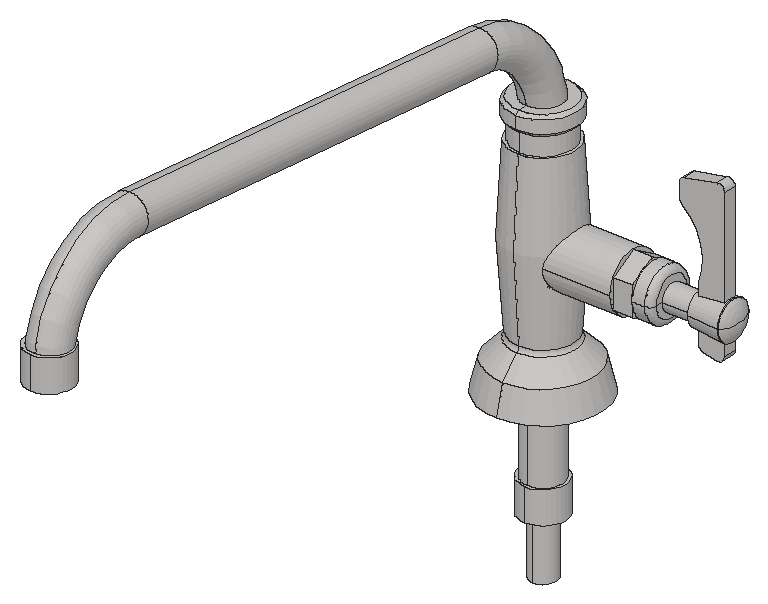
Revit family "Krowne_16-201L_DeckMount_Faucet", category Plumbing Fixtures, Revit 2018
Family settings
  Round Connector Dimension = Use Diameter
  Part Type = Normal
  OmniClass Number = 23.40.40.00
  OmniClass Title = Food Service Equipment and Furnishings
  Work Plane-Based = No
  Always vertical = Yes
  Cut with Voids When Loaded = No
  Shared = No
  Room Calculation Point = No
Parameters (values of type "DefaultType")
  Width = 4 5/8"
  Weight in Pounds = 5
  Watermarked By = ""
  Waste Water Discharge Temperature [instance] = -459.67 °F
  URL Cutsheet = ""
  URL = "https://krowne.com/"
  Status [instance] = ""
  Specification by User [instance] = ""
  Specification by Manufacturer [instance] = ""
  Serial Number [instance] = ""
  Revision Code [instance] = ""
  Plumbing Remarks [instance] = ""
  Plumbing Connection Type = ""
  NAFEM Spec ID Number [instance] = ""
  Model = "16-201L"
  Masterspec [instance] = ""
  Manufacturer = "Krowne Metal"
  KCLRef = "KCL2C9,,0004c5a7-0000-0000-0000-000000000307,KR,16-201L ,637111973440000000,a73acb69-ad7a-4bf3-a64b-69a22879fce7,3fbdde98-eff4-4684-8e6f-cc639d16eccb"
  KCL SpecSheet URL = "http://kclweb.kclcad.com/imagehandler.ashx?kdoc=16-2xxl&R=KR&M=16-201L%20&VC=7&TID=KCLWeb&T=doc"
  Item Number [instance] = "-"
  Installed By [instance] = ""
  Hot Water Temperature = 100 °F
  Height = 3 3/8"
  Furnished By [instance] = ""
  Foodservice Equipment Identifier = yes
  Description = "Deck Mount Faucet"
  Depth = 4 7/16"
  Cold Water Temperature Recommended = -459.67 °F
  Cold Water Size = 1/2"
  Cold Water RI Height [instance] = 0"
  Cold Water Minimum Pressure = 0.00 psi
  Cold Water Maximum Pressure = 0.00 psi
  Cold Water Flow = 1.8 GPM
  Cold Water Consumption = ""
  Cold Water Connection Height = 0"
  CSI MasterFormat = ""
  Assembly Code = "E1090300"
Reference planes (in)
  plane 1 "BACK": y = 0.1875
  plane 2: z = 0
  plane 3 "LEFT": x = -13.69073
  plane 4 "CENTER L/R": x = -12.56573
  plane 5: y = -0.9375
  plane 6: z = 7.875
  plane 7 "Faucet Lip": z = 5.4375
  plane 8: y = -12.9375
  plane 9: z = 5.125
  plane 10: z = 7
  plane 11: x = -8.87823
Forms (in)
  Sweep 1, solid, material "QF_Stainless-Polished"
    path origin (-12.56573, 0, 0.1875) x (0, 1, 0) y (0, 0, 1)
      loop
        line (-0.9375, 4.375) -> (-0.9375, 4.67627)
        arc (-0.9375, 4.67627) -> (-1.38825, 5.84864) -> (-2.5083, 6.41707) r 1.75
        line (-2.5083, 6.41707) -> (-11.0083, 7.29207)
        arc (-11.0083, 7.29207) -> (-12.35987, 6.85052) -> (-12.9375, 5.55127) r 1.75
    profile origin (-12.56573, -0.9375, 4.71314) x (0, -1, 0) y (1, 0, 0)
      loop
        circle (0, 0) r 0.375
      loop
        circle (0, 0) r 0.25
  Extrusion 2, solid, material "QF_Stainless-Polished"
    sketch origin (0, 0, 5.4375) x (0, 1, 0) y (-1, 0, 0)
      loop
        circle (-12.9375, 12.56573) r 0.375
      loop
        circle (-12.9375, 12.56573) r 0.4375
    from 0 to 0.625
Lines and regions (in)
  symbolic lines
    curve 1: arc (-12.56573, -1.3125, 0) -> (-12.94073, -0.9375, 0) -> (-12.56573, -0.5625, 0) r 0.375
    curve 2: arc (-12.56573, -0.5625, 0) -> (-12.19073, -0.9375, 0) -> (-12.56573, -1.3125, 0) r 0.375
    curve 3: arc (-12.94073, -12.9375, 0) -> (-12.83089, -13.20267, 0) -> (-12.56573, -13.3125, 0) r 0.375
    curve 4: arc (-12.56573, -13.3125, 0) -> (-12.30056, -13.20267, 0) -> (-12.19073, -12.9375, 0) r 0.375
    curve 5: line (-12.94073, -12.9375, 0) -> (-12.94073, -0.9375, 0)
    curve 6: line (-12.19073, -0.9375, 0) -> (-12.19073, -12.9375, 0)
Dimensions and locks (in)
  plane 8 to plane 5 = 12"
  plane 7 "Faucet Lip" to plane 9 = 5/16"
  plane 5 to plane 1 "BACK" = 1 1/8"
  plane 6 to plane 9 = 2 3/4"
  plane 10 to plane 9 = 1 7/8"
  plane 3 "LEFT" to plane 11 = 4 13/16"
  aligned and locked: level to plane 2
  aligned and locked: plane 5 to nested 1
Nested families (in)
  nested 1: "QF_Krowne_16-2_Body" at (-0.1875, 0.1875, 0), type "QF_Krowne_16-2_Body"
Connectors (in)
  piping at (-12.56573, -0.9375, -3.25), diameter 0.5, driven by "Cold Water Flow", driven by "Cold Water Size"
    settings: on nested 1, index 1, connector inside diameter 24", connector length 0", flow factor 0, pipe flow 1.8 GPM, pressure drop 0.00 psi, fitting loss kfactor 0, connector angle 0.00°, fixture units 0, engagement length 0", angle of deflection 0.00°, flow configuration 1, flow direction 1, fitting loss method 0, system type 20, joint type 0, gender type 0, connector reference index -1, connector utility 0, adjustable connector no, is connector primary yes, connector description ""
Definition of nested family "QF_Krowne_16-2_Body"
  Parameters (values of type "QF_Krowne_16-2_Body")
    Width = 2 1/4"
    Watermarked By = ""
    Height = 3 7/8"
    Description = ""
    Depth = 2 1/4"
  Reference planes (in)
    plane 1 "BACK": y = 0
    plane 2: z = 0
    plane 3 "LEFT": x = -13.50323
    plane 4 "RIGHT": x = -11.25323
    plane 5 "Center": x = -12.37823
    plane 6 "FRONT": y = -2.25
    plane 7 "Faucet Handle Center": y = -1.125
    plane 8: z = 4.375
    plane 9: z = 4.75
    plane 10 "TOP": z = 5.125
    plane 11: z = 2.5
    plane 12: x = -10.56573
    plane 13: x = -8.69073
  Forms (in)
    Revolve 1, solid
      sketch origin (-12.37823, 0, 0) x (0, 1, 0) y (0, 0, 1)
        loop
          line (-1.125, 0) -> (0, 0) -> (-0.13978, 0.55911) -> (-0.49693, 0.91626)
          arc (-0.49693, 0.91626) -> (-0.5271, 0.96505) -> (-0.5323, 1.02217) r 0.125
          arc (-0.5323, 1.02217) -> (-0.40613, 2.69753) -> (-0.5, 4.375) r 12.82782
          line (-0.5, 4.375) -> (-1.125, 4.375) -> (-1.125, 0)
        axis (-1.125, 0) -> (-1.125, 4.375)
      angle from 0 to 360
    Revolve 2, solid
      sketch origin (-12.37823, 0, 0) x (0, 1, 0) y (0, 0, 1)
        loop
          line (-1.125, 5.125) -> (-1.125, 4.375) -> (-0.5625, 4.375) -> (-0.5625, 4.75) -> (-0.53067, 4.75) -> (-0.46817, 4.8125) -> (-0.46817, 5.0625) -> (-0.53067, 5.125) -> (-1.125, 5.125)
        axis (-1.125, 4.375) -> (-1.125, 5.125)
      angle from 0 to 360
    Extrusion 3, solid
      sketch origin (-12.37823, 0, 0) x (0, 1, 0) y (0, 0, 1)
        loop
          circle (-1.125, 2.5) r 0.5625
      from 0 to 1.75
    Revolve 4, solid
      sketch origin (-12.37823, 0, 0) x (0, 1, 0) y (0, 0, 1)
        loop
          line (-1.125, 0) -> (-1.125, -3.0198) -> (-0.9375, -3.0198) -> (-0.9375, -3.25) -> (-0.875, -3.25) -> (-0.875, -2.125) -> (-0.6875, -2.125) -> (-0.6875, -1.5) -> (-0.75, -1.5) -> (-0.75, 0) -> (-1.125, 0)
        axis (-1.125, 0) -> (-1.125, -3.25)
      angle from 0 to 360
  Lines and regions (in)
    symbolic lines
      curve 1: line (-10.62823, -0.5625, 1.0625) -> (-10.62823, -1.6875, 1.0625)
      curve 2: circle (-12.37823, -1.125, 0) r 1.125 normal (0, 0, 1)
      curve 3: circle (-12.37823, -1.125, 0) r 0.75 normal (0, 0, 1)
      curve 4: circle (-12.37823, -1.125, 0) r 0.59433 normal (0, 0, 1)
      curve 5: line (-10.62823, -0.5625, 0) -> (-11.40395, -0.5625, 0)
      curve 6: line (-10.62823, -1.6875, 0) -> (-11.40395, -1.6875, 0)
  Dimensions and locks (in)
    "Width": plane 3 "LEFT" to plane 4 "RIGHT"
    equal spacing: plane 3 "LEFT", plane 5 "Center", plane 4 "RIGHT"
    equal spacing: plane 6 "FRONT", plane 7 "Faucet Handle Center", plane 1 "BACK"
    "Depth": plane 6 "FRONT" to plane 1 "BACK"
    equal spacing: plane 10 "TOP", plane 9, plane 8
    locked: plane 10 "TOP" to plane 8 at 0.75
    plane 10 "TOP" to level = 5 1/8"
    plane 11 to level = 2 1/2"
    locked: plane 4 "RIGHT" to plane 12 at 0.6875
    plane 12 to plane 13 = 1 7/8"
    plane 3 "LEFT" to plane 13 = 4 13/16"
    aligned and locked: level to plane 2
    aligned and locked: plane 7 "Faucet Handle Center" to Revolve 1 sketch curve
    aligned and locked: Revolve 2 sketch curve to plane 7 "Faucet Handle Center"
    aligned and locked: Revolve 2 sketch curve to plane 8
    aligned and locked: plane 11 to nested 1
    aligned and locked: plane 7 "Faucet Handle Center" to nested 1
  Automatic sketch dimensions
    Revolve 2 sketch curve to plane 7 "Faucet Handle Center" = 0"
    Revolve 2 sketch curve to plane 9 = 0"
    Revolve 2 sketch curve to plane 10 "TOP" = 0"  (x2)
    Revolve 2 sketch curve to plane 8 = 0"
    plane 1 "BACK" to Revolve 2 sketch curve = 9/16"
    Revolve 2 sketch curve to Revolve 2 sketch curve = 0.03183"
    plane 1 "BACK" to Revolve 2 sketch curve = 0.53067"
    Revolve 2 sketch curve to Revolve 2 sketch curve = 1/16"
    plane 9 to Revolve 2 sketch curve = 1/16"
    Revolve 2 sketch curve to plane 10 "TOP" = 1/16"
    Extrusion 3 sketch curve to plane 7 "Faucet Handle Center" = 0"
    Extrusion 3 sketch curve to plane 11 = 0"
    curve 1 to plane 6 "FRONT" = 9/16"
    Revolve 1 sketch curve to level = 0"  (x2)
    Revolve 1 sketch curve to plane 7 "Faucet Handle Center" = 0"
    Revolve 1 sketch curve to plane 8 = 0"  (x2)
    Revolve 1 sketch curve to plane 1 "BACK" = 0"
    plane 11 to Revolve 1 sketch curve = 0.32111"
    plane 1 "BACK" to Revolve 1 sketch curve = 0.40854"
    plane 1 "BACK" to Revolve 1 sketch curve = 0.13978"
    level to Revolve 1 sketch curve = 0.55911"
    Revolve 1 sketch curve to Revolve 1 sketch curve = 0.44554"
    Revolve 1 sketch curve to Revolve 1 sketch curve = 0.12376"
    Revolve 1 sketch curve to Revolve 1 sketch curve = 0"
    Revolve 1 sketch curve to Revolve 1 sketch curve = 0.03538"
    Revolve 1 sketch curve to Revolve 1 sketch curve = 0.10592"
    curve 2 to curve 3 = 0"
    curve 2 to curve 4 = 0"  (x2)
    curve 3 to curve 4 = 0"
    curve 3 to plane 5 "Center" = 0"
    plane 7 "Faucet Handle Center" to curve 4 = 0"
    curve 5 to plane 4 "RIGHT" = 0.15072"
    curve 6 to plane 4 "RIGHT" = 0.15072"
    curve 6 to plane 12 = 1/16"
    curve 5 to plane 12 = 1/16"
    plane 1 "BACK" to curve 5 = 9/16"
    plane 1 "BACK" to curve 1 = 9/16"
    curve 1 to plane 12 = 1/16"
    Revolve 4 sketch curve to level = 0"  (x2)
    Revolve 4 sketch curve to plane 7 "Faucet Handle Center" = 0"  (x2)
    Revolve 4 sketch curve to plane 7 "Faucet Handle Center" = 3/8"
    Revolve 4 sketch curve to Revolve 4 sketch curve = 1/16"  (x2)
    Revolve 4 sketch curve to level = 1 1/2"
    Revolve 4 sketch curve to Revolve 4 sketch curve = 5/8"
    Revolve 4 sketch curve to Revolve 4 sketch curve = 3/16"
    Revolve 4 sketch curve to Revolve 4 sketch curve = 0.8948"
    Revolve 4 sketch curve to Revolve 4 sketch curve = 0.2302"  (x2)
    radius of Extrusion 3 sketch curve = 9/16"
    radius of curve 3 = 3/4"
    radius of curve 4 = 0.59433"
  Nested families (in)
    nested 1: "QF_Krowne_Faucet_Knob" at (-2.25, -0.21875, 2.5), type "QF_Krowne_Faucet_Knob"
  Definition of nested family "QF_Krowne_Faucet_Knob"
    Parameters (values of type "QF_Krowne_Faucet_Knob")
      Width = 12 3/4"
      Watermarked By = ""
      Height = 3 7/8"
      Description = ""
      Depth = 1 13/16"
    Reference planes (in)
      plane 1 "BACK": y = 0
      plane 2: z = 0
      plane 3 "Right of Handle": x = -8.37823
      plane 4 "FRONT": y = -1.8125
      plane 5 "Faucet Handle Center": y = -0.90625
      plane 6: y = -0.78125
      plane 7: y = -1.03125
    Forms (in)
      Extrusion 1, solid
        sketch origin (-8.37823, 0, 8.37823) x (0, 1, 0) y (0, 0, 1)
          loop
            line (-0.90625, -7.81573) -> (-1.39339, -8.09698) -> (-1.39339, -8.65948) -> (-0.90625, -8.94073) -> (-0.41911, -8.65948) -> (-0.41911, -8.09698) -> (-0.90625, -7.81573)
        from 0 to 0.375
      Revolve 2, solid
        sketch origin (-12.37823, 0, 0) x (0, 1, 0) y (-1, 0, 0)
          loop
            line (-0.90625, -4.375) -> (-0.90625, -4.75) -> (-0.53125, -4.75)
            arc (-0.53125, -4.75) -> (-0.44286, -4.71339) -> (-0.40625, -4.625) r 0.125
            line (-0.40625, -4.625) -> (-0.40625, -4.375) -> (-0.90625, -4.375)
          axis (-0.90625, -4.375) -> (-0.90625, -4.75)
        angle from 0 to 360
      Revolve 3, solid
        sketch origin (-12.37823, 0, 0) x (0, 1, 0) y (-1, 0, 0)
          loop
            line (-0.90625, -4.75) -> (-0.90625, -5.3125) -> (-0.65625, -5.3125) -> (-0.65625, -4.75) -> (-0.90625, -4.75)
          axis (-0.90625, -4.75) -> (-0.90625, -5.3125)
        angle from 0 to 360
      Revolve 4, solid
        sketch origin (-12.37823, 0, 0) x (0, 1, 0) y (-1, 0, 0)
          loop
            line (-0.90625, -5.3125) -> (-0.90625, -5.9375) -> (-0.53125, -5.9375) -> (-0.59375, -5.3125) -> (-0.90625, -5.3125)
          axis (-0.90625, -5.3125) -> (-0.90625, -5.9375)
        angle from 0 to 360
      Revolve 5, solid
        sketch origin (-12.37823, 0, 0) x (0, 1, 0) y (-1, 0, 0)
          loop
            line (-0.90625, -5.9375) -> (-0.90625, -6.0625)
            arc (-0.90625, -6.0625) -> (-0.70704, -6.03513) -> (-0.53125, -5.9375) r 0.54601
            line (-0.53125, -5.9375) -> (-0.90625, -5.9375)
          axis (-0.90625, -5.9375) -> (-0.90625, -6.0625)
        angle from 0 to 360
      Extrusion 6, solid
        sketch origin (-12.37823, -0.90625, 8.37823) x (0, 0, 1) y (-1, 0, 0)
          loop
            arc (-6.12823, -5.875) -> (-6.03156, -5.82925) -> (-6.00565, -5.72549) r 0.125
            line (-6.00565, -5.72549) -> (-6.13064, -5.10053)
            arc (-6.13064, -5.10053) -> (-6.17396, -5.02837) -> (-6.25321, -5.00004) r 0.125
            line (-6.25321, -5.00004) -> (-6.5031, -5.00004)
            arc (-6.5031, -5.00004) -> (-6.55588, -5.01173) -> (-6.59879, -5.04462) r 0.125
            arc (-6.59879, -5.04462) -> (-7.17151, -5.40979) -> (-7.85017, -5.38199) r 1.13354
            arc (-7.85017, -5.38199) -> (-7.871, -5.37648) -> (-7.89247, -5.37462) r 0.125
            line (-7.89247, -5.37462) -> (-8.92568, -5.37462)
            arc (-8.92568, -5.37462) -> (-9.00493, -5.40295) -> (-9.04825, -5.47511) r 0.125
            line (-9.04825, -5.47511) -> (-9.09832, -5.72549)
            arc (-9.09832, -5.72549) -> (-9.07242, -5.82925) -> (-8.97575, -5.875) r 0.125
            line (-8.97575, -5.875) -> (-6.12823, -5.875)
        from -0.125 to 0.125
    Lines and regions (in)
      symbolic lines
        curve 1: line (-8.37823, -1.39339, 1.0625) -> (-8.37823, -0.41911, 1.0625)
        curve 2: line (-8.00323, -0.41911, 1.0625) -> (-8.00323, -1.39339, 1.0625)
        curve 3: line (-7.62823, -0.54411, 1.0625) -> (-7.62823, -1.26839, 1.0625)
        curve 4: line (-7.75323, -0.41911, 1.0625) -> (-8.37823, -0.41911, 1.0625)
        curve 5: line (-8.37823, -1.39339, 1.0625) -> (-7.75323, -1.39339, 1.0625)
        curve 6: line (-7.06573, -0.59375, 1.0625) -> (-7.06573, -1.21875, 1.0625)
        curve 7: line (-6.44073, -0.53125, 1.0625) -> (-6.44073, -1.28125, 1.0625)
        curve 8: arc (-7.62823, -0.54411, 1.0625) -> (-7.66484, -0.45572, 1.0625) -> (-7.75323, -0.41911, 1.0625) r 0.125
        curve 9: arc (-7.75323, -1.39339, 1.0625) -> (-7.66484, -1.35678, 1.0625) -> (-7.62823, -1.26839, 1.0625) r 0.125
        curve 10: line (-7.06573, -0.59375, 1.0625) -> (-6.44073, -0.53125, 1.0625)
        curve 11: line (-7.06573, -1.21875, 1.0625) -> (-6.44073, -1.28125, 1.0625)
        curve 12: arc (-6.44073, -1.28125, 1.0625) -> (-6.2854, -0.90625, 1.0625) -> (-6.44073, -0.53125, 1.0625) r 0.53035
        curve 13: line (-7.62823, -0.66911, 1.0625) -> (-7.06573, -0.66911, 1.0625)
        curve 14: line (-7.62823, -1.14339, 1.0625) -> (-7.06573, -1.14339, 1.0625)
    Dimensions and locks (in)
      equal spacing: plane 4 "FRONT", plane 5 "Faucet Handle Center", plane 1 "BACK"
      equal spacing: plane 7, plane 5 "Faucet Handle Center", plane 6
      locked: plane 7 to plane 6 at 0.25
      "Depth": plane 4 "FRONT" to plane 1 "BACK"
      aligned and locked: level to plane 2
      aligned and locked: Revolve 2 sketch curve to Extrusion 1
      aligned and locked: Revolve 4 sketch curve to Revolve 4 sketch curve
    Automatic sketch dimensions
      Extrusion 1 sketch curve to plane 5 "Faucet Handle Center" = 0"  (x2)
      Extrusion 1 sketch curve to level = 9/32"  (x2)
      plane 7 to Extrusion 1 sketch curve = 0.36214"
      Extrusion 1 sketch curve to plane 6 = 0.36214"
      Extrusion 1 sketch curve to level = 9/16"
      level to Extrusion 1 sketch curve = 9/32"  (x2)
      Extrusion 1 sketch curve to Extrusion 1 sketch curve = 9/32"
      plane 5 "Faucet Handle Center" to Revolve 2 sketch curve = 0"  (x2)
      Revolve 2 sketch curve to plane 6 = 1/4"
      Revolve 2 sketch curve to Revolve 2 sketch curve = 1/8"
      Revolve 2 sketch curve to Revolve 2 sketch curve = 0"  (x2)
      Revolve 2 sketch curve to Revolve 2 sketch curve = 1/4"
      plane 5 "Faucet Handle Center" to Revolve 3 sketch curve = 0"  (x2)
      Revolve 3 sketch curve to plane 6 = 1/8"
      plane 3 "Right of Handle" to Revolve 3 sketch curve = 1 5/16"
      Revolve 3 sketch curve to Revolve 3 sketch curve = 9/16"
      Revolve 3 sketch curve to Revolve 3 sketch curve = 0"
      Revolve 3 sketch curve to Revolve 3 sketch curve = 3/8"
      plane 5 "Faucet Handle Center" to Revolve 4 sketch curve = 0"
      Revolve 4 sketch curve to plane 6 = 3/16"
      Revolve 4 sketch curve to plane 6 = 1/4"
      plane 3 "Right of Handle" to Revolve 4 sketch curve = 1 15/16"
      Revolve 4 sketch curve to Revolve 4 sketch curve = 5/8"
      Revolve 4 sketch curve to Revolve 4 sketch curve = 0"  (x2)
      plane 5 "Faucet Handle Center" to Revolve 5 sketch curve = 0"  (x2)
      Revolve 5 sketch curve to plane 5 "Faucet Handle Center" = 0.02655"
      Revolve 5 sketch curve to plane 6 = 1/4"
      plane 3 "Right of Handle" to Revolve 5 sketch curve = 2 1/16"
      Revolve 5 sketch curve to Revolve 5 sketch curve = 1/8"
      Revolve 5 sketch curve to Revolve 5 sketch curve = 0"  (x2)
      Extrusion 6 sketch curve to level = 0.7201"
      Extrusion 6 sketch curve to Extrusion 6 sketch curve = 0.05007"
      Extrusion 6 sketch curve to Extrusion 6 sketch curve = 0.12257"  (x4)
      level to Extrusion 6 sketch curve = 0.48575"
      level to Extrusion 6 sketch curve = 0.91165"
      Extrusion 6 sketch curve to Extrusion 6 sketch curve = 0.96348"
      Extrusion 6 sketch curve to Extrusion 6 sketch curve = 0.24989"
      Extrusion 6 sketch curve to Extrusion 6 sketch curve = 1/8"  (x3)
      plane 3 "Right of Handle" to Extrusion 6 sketch curve = 1 7/8"
      Extrusion 6 sketch curve to Extrusion 6 sketch curve = 0.25038"
      Extrusion 6 sketch curve to Extrusion 6 sketch curve = 0"  (x3)
      Extrusion 6 sketch curve to Extrusion 6 sketch curve = 0.02451"  (x2)
      Extrusion 6 sketch curve to Extrusion 6 sketch curve = 0.62496"
      Extrusion 6 sketch curve to Extrusion 6 sketch curve = 1.05929"
      curve 5 to plane 3 "Right of Handle" = 0"
      plane 5 "Faucet Handle Center" to curve 12 = 0"
      plane 7 to curve 11 = 3/16"
      plane 7 to curve 9 = 0.23714"
      plane 7 to curve 7 = 1/4"
      plane 7 to curve 1 = 0.36214"
      curve 6 to plane 6 = 3/16"
      curve 8 to plane 6 = 0.23714"
      curve 4 to plane 6 = 0.36214"
      curve 4 to curve 1 = 5/8"
      curve 10 to curve 8 = 9/16"
      curve 12 to curve 13 = 0.24997"
      curve 7 to curve 12 = 0.37503"
      curve 6 to curve 14 = 0.07536"
      curve 13 to plane 6 = 0.11214"
      curve 4 to curve 2 = 1/4"
